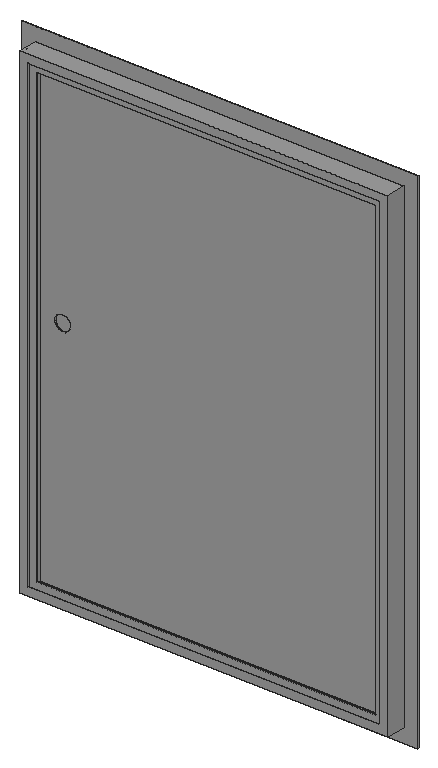
Revit family "Gorter-U_0600-0800", category Generic Models, host Wall, Revit 2017
Family settings
  Host = Wall
  Can host rebar = No
  Round Connector Dimension = Use Diameter
  Part Type = Normal
  Always vertical = Yes
  Cut with Voids When Loaded = No
  Shared = Yes
  Room Calculation Point = No
Parameters (values of type "U-0600-0800")
  wandluik = KTL behandeld staal - RAL9010
  frame = KTL behandeld staal - RAL9010
  draairichting plattegrond = yes
  draairichting aanzicht = yes
  afstand tot wand = 2 mm
  Weight (kg) = 10
  URL = "https://www.gortergroup.com/nl/producten/wandluiken-en-plafondluiken/u-universeel.html#specificaties"
  Sparingsmaat B = B + 27 mm  # 827 mm
  Sparingsmaat A = A + 27 mm  # 627 mm
  Model = "Wandluik universeel"
  Bevestiging = "voorgeboorde bevestigingsgaten"
  B = 800 mm
  A = 600 mm
Types (6, lengths in mm): name | Weight (kg) | Sparingsmaat B | Sparingsmaat A | B | A
  U-0250-0250 | 2 | 277 | 277 | 250 | 250
  U-0400-0400 | 4 | 427 | 427 | 400 | 400
  U-0500-0500 | 6 | 527 | 527 | 500 | 500
  U-0600-0600 | 8 | 627 | 627 | 600 | 600
  U-0600-0800 | 10 | 827 | 627 | 800 | 600
  U-0800-0800 | 12 | 827 | 827 | 800 | 800
Reference planes
  plane 1 "Wall": y = 0
  plane 2 "Center (Left/Right)": x = 125
  plane 3 "Back": y = 75
  plane 4: x = -212
  plane 5: x = 462
  plane 6: z = 887
  plane 7: z = 13
  plane 8: x = 425
  plane 9: z = 850
  plane 10: x = -175
  plane 11: z = 50
  plane 12 "voorkant": y = 77
  plane 13: x = 434.5
  plane 14: z = 2397.5
  plane 15: x = -184
  plane 16: z = 41
  plane 17: z = 859
  plane 18: y = 75.5
  plane 19: z = 450
  plane 20: x = -149
  plane 21: x = -142.5
  plane 22: y = 80
Forms (mm)
  Extrusion 1, void
    sketch origin (0, 0, 0) x (1, 0, 0) y (0, 0, 1)
      loop
        line (438.5, 863.5) -> (-188.5, 863.5) -> (-188.5, 36.5) -> (438.5, 36.5) -> (438.5, 863.5)
    from -75 to 75
  Sweep 2, solid, material "KTL behandeld staal - RAL9010" <- "frame"
    path origin (0, 77, 0) x (-1, 0, 0) y (0, 0, 1)
      loop
        line (-425, 850) -> (-425, 50) -> (175, 50) -> (175, 850) -> (-425, 850)
    profile "U_randprofiel : U_randprofiel" origin (125, 77, 850) x (0, 0, 1) y (0, 1, 0)
      loop
        line (13.5, -1.5) -> (37, -1.5) -> (37, 0) -> (12, 0) -> (12, -33.5) -> (0, -33.5) -> (0, -35) -> (13.5, -35) -> (13.5, -1.5)
  Sweep 3, solid, material "KTL behandeld staal - RAL9010" <- "wandluik"
    path origin (0, 77, 0) x (-1, 0, 0) y (0, 0, 1)
      loop
        line (-434.5, 859) -> (-434.5, 41) -> (184, 41) -> (184, 859) -> (-434.5, 859)
    profile "U_deurprofiel : U_deurprofiel" origin (125.25, 77, 859) x (0, 0, 1) y (0, 1, 0)
      loop
        line (-1.5, -1.5) -> (-1.5, -29.5) -> (-20, -29.5) -> (-20, -31) -> (0, -31) -> (0, 0) -> (-20, 0) -> (-20, -1.5) -> (-1.5, -1.5)
  Extrusion 4, solid, material "KTL behandeld staal - RAL9010" <- "wandluik"
    sketch origin (0, 0, 0) x (1, 0, 0) y (0, 0, 1)
      loop
        line (414.5, 839) -> (-164, 839) -> (-164, 61) -> (414.5, 61) -> (414.5, 839)
      loop
        circle (-142.5, 450) r 13.5
    from -77 to -75.5
  Extrusion 5, solid, material "KTL behandeld staal - RAL9010" <- "wandluik"
    sketch origin (0, 77, 0) x (-1, 0, 0) y (0, 0, 1)
      loop
        circle (142.5, 450) r 13.5
    from 0 to 3
Cuts and joins
  joined: Sweep 3, Extrusion 4, Extrusion 5
Lines and regions (mm)
  model lines, visible <- "draairichting aanzicht"
    curve 1: line (434.5, 77, 859) -> (-184, 77, 450)
    curve 2: line (-184, 77, 450) -> (434.5, 77, 41)
  model lines, visible <- "draairichting plattegrond"
    curve 3: line (434.5, 77, 38) -> (-142.568, 231.625, 38)
    curve 4: line (-184, 77, 38) -> (-142.568, 231.625, 38)
Text (mm)
  text "Placement Side" at (-1848.837, 1116.779, 0), in view "Ref. Level"
  text "Placement side" at (0, 1409.804, 2854.306), in view "Left"
  text "Placement side" at (0, 499.811, 2980.732), in view "Right"
Dimensions and locks
  locked: plane 3 "Back" to host wall
  "A": plane 10 to plane 8
  locked: plane 8 to plane 5 at 37
  locked: plane 10 to plane 4 at 37
  equal spacing: plane 8, plane 2 "Center (Left/Right)", plane 10
  "B": plane 11 to plane 9
  locked: plane 9 to plane 6 at 37
  locked: plane 7 to plane 11 at 37
  plane 15 to plane 13 = 618.5 mm
  locked: plane 10 to plane 15 at 9
  Sweep 2 to Sweep 2 = 25 mm
  locked: plane 8 to plane 13 at 9.5
  locked: plane 16 to plane 11 at 9
  locked: plane 9 to plane 17 at 9
  locked: plane 12 "voorkant" to plane 18 at 1.5
  "afstand tot wand": plane 12 "voorkant" to plane 3 "Back"
  Sweep 2 to Sweep 2 = 674 mm
  locked: plane 8 to Extrusion 1 sketch curve at 13.5
  locked: plane 10 to Extrusion 1 sketch curve at 13.5
  locked: plane 9 to Extrusion 1 sketch curve at 13.5
  locked: Extrusion 1 sketch curve to plane 11 at 13.5
  plane 4 to plane 5 = 674 mm
  plane 7 to plane 6 = 874 mm
  equal spacing: plane 7, plane 19, plane 6
  Extrusion 4 sketch curve to plane 19 to Extrusion 4 sketch curve = 13.5 mm locked, 13.5 mm locked
  locked: plane 4 to plane 21 at 69.5
  locked: Extrusion 4 sketch curve to Extrusion 4 sketch curve at 21.5
  locked: plane 22 to plane 12 "voorkant" at 3
  locked: curve 3 to plane 12 "voorkant" (angle 15.00°)
  locked: plane 12 "voorkant" to curve 4 (angle 75.00°)
  aligned and locked: plane 1 "Wall" to host wall
  aligned and locked: host wall to Extrusion 1  (x2)
  aligned and locked: plane 9 to Sweep 2 sketch curve
  aligned and locked: Sweep 2 sketch curve to plane 10
  aligned and locked: plane 8 to Sweep 2 sketch curve
  aligned and locked: plane 11 to Sweep 2 sketch curve
  aligned and locked: plane 17 to Sweep 3 sketch curve
  aligned and locked: Sweep 3 sketch curve to plane 13
  aligned and locked: Sweep 3 sketch curve to plane 16
  aligned and locked: Sweep 3 sketch curve to plane 15
  aligned and locked: Extrusion 4 sketch curve to Sweep 3  (x3)
  aligned and locked: plane 12 "voorkant" to Extrusion 4
  aligned and locked: Extrusion 4 to plane 18
  aligned and locked: plane 13 to curve 2
  aligned and locked: plane 16 to curve 2
  aligned and locked: plane 19 to curve 2
  aligned and locked: plane 15 to curve 2
  aligned and locked: plane 13 to curve 1
  aligned and locked: plane 17 to curve 1
  aligned and locked: plane 12 "voorkant" to curve 2  (x2)
  aligned and locked: plane 15 to curve 1
  aligned and locked: plane 13 to curve 3
  aligned and locked: plane 12 "voorkant" to curve 3
  aligned and locked: plane 15 to curve 4
  aligned and locked: plane 12 "voorkant" to curve 4
  aligned and locked: Extrusion 5 sketch curve to cut or joined group of Sweep 3, Extrusion 4, Extrusion 5
  aligned and locked: Extrusion 5 to plane 22
Automatic sketch dimensions
  plane 10 to Extrusion 4 sketch curve = 11 mm
  Extrusion 5 sketch curve to plane 19 = 0 mm  (x2)
